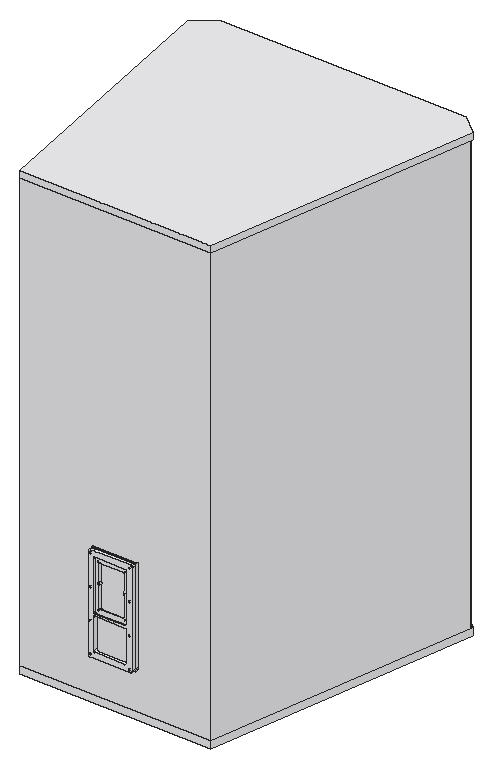
Revit family "EVC-1152-64", category Communication Devices, Revit 2017
Family settings
  Maintain Annotation Orientation = Yes
  Round Connector Dimension = Use Diameter
  Part Type = Normal
  OmniClass Number = 23.85.10.11.11.21
  OmniClass Title = Speakers
  Work Plane-Based = Yes
  Always vertical = Yes
  Cut with Voids When Loaded = No
  Shared = No
  Room Calculation Point = No
Parameters (values of type "EVC115264PIW_15"_Speaker_60x45_White")
  Uniclass2015Code = "Pr_60_75_08_02"
  URL = ""
  ProductInformation = "https://www.electrovoice.com/binary/EVC-1152-64_15__speaker_60x45_Datasheet_51_en_27960559883.pdf"
  PlanningTools = "https://www.electrovoice.com/product.php?id=2671"
  ModelNumber = "F.01U.329.294"
  Model = ""
  MaterialRALColour = "RAL9010"
  ManufacturerURL = "https://www.electrovoice.com"
  Manufacturer = "Electro Voice"
  LoudspeakerMaterial = 13-plyWeather-resistantBirchEVCoat -RAL9010
  Default Elevation = 0.00 mm
  Width = 433.00 mm  # constant formula
  InstallationManual = "https://www.electrovoice.com/binary/EVC-1152-64_15__speaker_60x45_Datasheet_51_en_27960559883.pdf"
  IfcExportType = "IfcBuildingElementProxyType"
  IfcExportAs = "IfcBuildingElementProxy"
  Length = 683.60 mm  # constant formula
  GrillMaterial = 16GA Powder-coatedGalvanneal - W
  Disclaimer = "http://resource.boschsecurity.com/information/BIM/Disclaimer_Electrovoice.pdf"
  Description = "15-inch, two-way loudspeaker, with 60˚ x 45˚ constant directivity, rotatable waveguide. Power rating: 350 W Continuous, (1400 W Peak). Passive system: 98 dB, 129 dB maximum. Gland nut cover and stainless steel grille on PI versions. Optional high quality transformer and patented. Automatic Saturation Control (ASC) preserve low end in 70V/100V lines."
  Depth = 451.40 mm  # constant formula
  CTN = "EVC115264PIW"
  ArchitectsAndEngineersSpecs = "https://www.electrovoice.com/binary/EVC-1152-64_15__speaker_60x45_Datasheet_51_en_27960559883.pdf"
Reference planes
  plane 1 "Center (Front/Back)": y = 0
  plane 2: z = 0
  plane 3 "Center (Left/Right)": x = 0
Forms (mm)
  Extrusion 1, solid, material "13-plyWeather-resistantBirchEVCoat -RAL9010" <- "LoudspeakerMaterial"
    sketch origin (0.172, 9, 0) x (1, 0, 0) y (0, 1, 0)
      loop
        line (-216.672, 407.4) -> (-144.836, 0) -> (144.492, 0) -> (216.328, 407.4) -> (185.686, 433.112)
        arc (185.686, 433.112) -> (-0.172, 442.4) -> (-186.03, 433.112) r 1864.11
        line (-186.03, 433.112) -> (-216.672, 407.4)
    from 0 to 10
  Extrusion 2, solid, material "13-plyWeather-resistantBirchEVCoat -RAL9010" <- "LoudspeakerMaterial"
    sketch origin (0.172, 9, 0) x (1, 0, 0) y (0, 1, 0)
      loop
        line (-144.836, 0) -> (144.492, 0) -> (215.446, 402.4) -> (210.369, 402.4) -> (140.297, 5) -> (-140.641, 5) -> (-210.713, 402.4) -> (-215.79, 402.4) -> (-144.836, 0)
    from 10 to 673.6
  Extrusion 3, solid, material "16GA Powder-coatedGalvanneal - W" <- "GrillMaterial"
    sketch origin (0.172, 9, 0) x (1, 0, 0) y (0, 1, 0)
      loop
        line (-213.959, 406.413) -> (-213.252, 402.4) -> (-210.713, 402.4) -> (-211.247, 405.425) -> (-183.998, 428.289)
        arc (-183.998, 428.289) -> (-0.172, 437.4) -> (183.654, 428.289) r 1859.11
        line (183.654, 428.289) -> (210.903, 405.425) -> (210.369, 402.4) -> (212.908, 402.4) -> (213.615, 406.413) -> (184.67, 430.701)
        arc (184.67, 430.701) -> (-0.172, 439.9) -> (-185.014, 430.701) r 1861.61
        line (-185.014, 430.701) -> (-213.959, 406.413)
    from 5 to 678.6
  Extrusion 4, solid, material "13-plyWeather-resistantBirchEVCoat -RAL9010" <- "LoudspeakerMaterial"
    sketch origin (0.172, 9, 673.6) x (0, -1, 0) y (1, 0, 0)
      loop
        line (-407.4, -216.672) -> (0, -144.836) -> (0, 144.492) -> (-407.4, 216.328) -> (-433.112, 185.686)
        arc (-433.112, 185.686) -> (-442.4, -0.172) -> (-433.112, -186.03) r 1864.11
        line (-433.112, -186.03) -> (-407.4, -216.672)
    from 0 to 10
Dimensions and locks
  "Depth": plane 1 "Center (Front/Back)" to Extrusion 4
  "Width": Extrusion 4 to Extrusion 4
  equal spacing: Extrusion 4, plane 3 "Center (Left/Right)", Extrusion 4
  "Length": Extrusion 1 to Extrusion 4
  aligned and locked: plane 2 to level
Automatic sketch dimensions
  Extrusion 1 sketch curve to plane 3 "Center (Left/Right)" = 0.00 mm
  Extrusion 1 sketch curve to plane 1 "Center (Front/Back)" = 9.00 mm
  Extrusion 1 sketch curve to plane 3 "Center (Left/Right)" = 144.664 mm
  Extrusion 1 sketch curve to plane 3 "Center (Left/Right)" = 185.858 mm
  Extrusion 1 sketch curve to Extrusion 1 sketch curve = 30.642 mm  (x2)
  plane 3 "Center (Left/Right)" to Extrusion 1 sketch curve = 144.664 mm
  plane 3 "Center (Left/Right)" to Extrusion 1 sketch curve = 185.858 mm
  plane 1 "Center (Front/Back)" to Extrusion 1 sketch curve = 1412.71 mm
  Extrusion 1 sketch curve to Extrusion 1 sketch curve = 407.40 mm  (x2)
  Extrusion 1 sketch curve to Extrusion 1 sketch curve = 25.712 mm
  Extrusion 2 sketch curve to plane 3 "Center (Left/Right)" = 215.618 mm
  Extrusion 2 sketch curve to Extrusion 2 sketch curve = 5.077 mm  (x2)
  Extrusion 2 sketch curve to plane 1 "Center (Front/Back)" = 9.00 mm
  Extrusion 2 sketch curve to plane 3 "Center (Left/Right)" = 144.664 mm
  Extrusion 2 sketch curve to plane 1 "Center (Front/Back)" = 14.00 mm
  Extrusion 2 sketch curve to Extrusion 2 sketch curve = 4.195 mm  (x2)
  plane 3 "Center (Left/Right)" to Extrusion 2 sketch curve = 140.469 mm
  plane 3 "Center (Left/Right)" to Extrusion 2 sketch curve = 210.541 mm
  Extrusion 2 sketch curve to Extrusion 2 sketch curve = 397.40 mm  (x2)
  Extrusion 3 sketch curve to Extrusion 3 sketch curve = 0.00 mm  (x2)
  Extrusion 3 sketch curve to plane 3 "Center (Left/Right)" = 0.00 mm
  Extrusion 3 sketch curve to plane 3 "Center (Left/Right)" = 183.826 mm
  Extrusion 3 sketch curve to Extrusion 3 sketch curve = 1.016 mm  (x2)
  Extrusion 3 sketch curve to Extrusion 3 sketch curve = 26.715 mm  (x2)
  Extrusion 3 sketch curve to Extrusion 3 sketch curve = 0.533 mm  (x2)
  Extrusion 3 sketch curve to Extrusion 3 sketch curve = 2.539 mm  (x2)
  Extrusion 3 sketch curve to Extrusion 3 sketch curve = 2.713 mm  (x2)
  plane 3 "Center (Left/Right)" to Extrusion 3 sketch curve = 183.826 mm
  plane 1 "Center (Front/Back)" to Extrusion 3 sketch curve = 1412.71 mm
  Extrusion 3 sketch curve to plane 1 "Center (Front/Back)" = 411.40 mm  (x2)
  Extrusion 3 sketch curve to Extrusion 3 sketch curve = 3.025 mm  (x2)
  Extrusion 3 sketch curve to Extrusion 3 sketch curve = 0.987 mm  (x2)
  Extrusion 3 sketch curve to Extrusion 3 sketch curve = 22.864 mm
  Extrusion 3 sketch curve to Extrusion 3 sketch curve = 2.411 mm
  Extrusion 4 sketch curve to plane 3 "Center (Left/Right)" = 0.00 mm
  Extrusion 4 sketch curve to plane 1 "Center (Front/Back)" = 442.112 mm
  Extrusion 4 sketch curve to plane 3 "Center (Left/Right)" = 185.858 mm
  Extrusion 4 sketch curve to Extrusion 4 sketch curve = 0.00 mm
  Extrusion 4 sketch curve to Extrusion 4 sketch curve = 25.712 mm  (x2)
  Extrusion 4 sketch curve to plane 1 "Center (Front/Back)" = 9.00 mm
  plane 1 "Center (Front/Back)" to Extrusion 4 sketch curve = 1412.71 mm
  Extrusion 4 sketch curve to Extrusion 4 sketch curve = 30.642 mm  (x2)
  Extrusion 4 sketch curve to plane 3 "Center (Left/Right)" = 144.664 mm
  plane 3 "Center (Left/Right)" to Extrusion 4 sketch curve = 144.664 mm
Nested families
  nested 1: "2D_CabinetLoudspeaker" at (0, 0, 0) x (-1, 0, 0) z (0, 0, 1), type "LoudSpeaker"
    with Pan2D 0.00°
  nested 2: "InputPanel_small" at (-33.614, 10, 140) x (0, 0, -1) z (1, 0, 0), LoudspeakerMaterial <- "LoudspeakerMaterial", type "InputPanel_small"
    with LoudspeakerMaterial 13-plyWeather-resistantBirchEVCoat -RAL9010
  nested 3: "L-EV" at (0.172, 448.475, 95) x (-1, 0, 0) z (0, 0, 1), type "L-EV"
Connectors
  electrical at (-0.023, 5, 167.216)
    settings: on nested 2, index 1, voltage 0 V, apparent load 0 VA, apparent load phase1 0 VA, apparent load phase2 0 VA, apparent load phase3 0 VA, power factor 1, load classification "Other", number of poles 1, system type 31, power factor state 1, is connector primary yes, connector utility no, sub classification motor no, connector description ""
Definition of nested family "InputPanel_small"
  Parameters (values of type "InputPanel_small")
    Material = ""
    LoudspeakerMaterial [instance] = none
    Default Elevation = 1219.20 mm
  Reference planes
    plane 1 "Center (Front/Back)": y = 0
    plane 2: z = 0
    plane 3 "Center (Left/Right)": x = 0
  Forms (mm)
    Extrusion 1, solid, material <- "LoudspeakerMaterial", not visible
      sketch origin (-97.521, -0.5, 198.121) x (-1, 0, 0) y (0, 0, -1)
        loop
          arc (-169.642, 198.043) -> (-170.257, 197.789) -> (-170.511, 197.174) r 0.869
          line (-170.511, 197.174) -> (-170.511, 131.84)
          arc (-170.511, 131.84) -> (-170.257, 131.226) -> (-169.642, 130.971) r 0.869
          line (-169.642, 130.971) -> (-25.396, 130.971)
          arc (-25.396, 130.971) -> (-24.782, 131.226) -> (-24.527, 131.84) r 0.869
          line (-24.527, 131.84) -> (-24.527, 197.174)
          arc (-24.527, 197.174) -> (-24.782, 197.789) -> (-25.396, 198.043) r 0.869
          line (-25.396, 198.043) -> (-169.642, 198.043)
      from 0 to -0.5
    Extrusion 2, solid, material <- "LoudspeakerMaterial", detail levels medium+fine
      sketch origin (1.214, 0, 125.108) x (-1, 0, 0) y (0, 0, -1)
        loop
          line (70.917, 125.031) -> (-68.488, 125.031)
          arc (-68.488, 125.031) -> (-70.813, 124.068) -> (-71.776, 121.743) r 3.288
          line (-71.776, 121.743) -> (-71.776, 61.229)
          arc (-71.776, 61.229) -> (-70.921, 59.026) -> (-68.815, 57.959) r 3.288
          line (-68.815, 57.959) -> (70.925, 57.959)
          arc (70.925, 57.959) -> (73.25, 58.922) -> (74.212, 61.247) r 3.288
          line (74.212, 61.247) -> (74.205, 121.743)
          arc (74.205, 121.743) -> (73.242, 124.068) -> (70.917, 125.031) r 3.288
        loop
          line (-16.102, 116.673) -> (-61.46, 116.673)
          arc (-61.46, 116.673) -> (-63.304, 115.909) -> (-64.067, 114.066) r 2.607
          line (-64.067, 114.066) -> (-64.067, 69.267)
          arc (-64.067, 69.267) -> (-63.304, 67.424) -> (-61.46, 66.66) r 2.607
          line (-61.46, 66.66) -> (-16.102, 66.658)
          arc (-16.102, 66.658) -> (-14.259, 67.424) -> (-13.495, 69.267) r 2.607
          line (-13.495, 69.267) -> (-13.495, 114.066)
          arc (-13.495, 114.066) -> (-14.259, 115.909) -> (-16.102, 116.673) r 2.607
        loop
          line (64.151, 116.673) -> (-8.801, 116.673)
          arc (-8.801, 116.673) -> (-10.645, 115.909) -> (-11.408, 114.066) r 2.607
          line (-11.408, 114.066) -> (-11.408, 69.267)
          arc (-11.408, 69.267) -> (-10.645, 67.424) -> (-8.801, 66.66) r 2.607
          line (-8.801, 66.66) -> (64.151, 66.658)
          arc (64.151, 66.658) -> (65.994, 67.424) -> (66.758, 69.267) r 2.607
          line (66.758, 69.267) -> (66.758, 114.066)
          arc (66.758, 114.066) -> (65.994, 115.909) -> (64.151, 116.673) r 2.607
        loop
          circle (-67.83, 121.068) r 1.368
        loop
          circle (-21.853, 121.068) r 1.368
        loop
          circle (24.255, 121.068) r 1.368
        loop
          circle (69.993, 121.068) r 1.368
        loop
          circle (-67.961, 61.771) r 1.368
        loop
          circle (-21.984, 61.771) r 1.368
        loop
          circle (24.124, 61.771) r 1.368
        loop
          circle (69.862, 61.771) r 1.368
      from 0 to 10
    Extrusion 3, solid, material <- "LoudspeakerMaterial", detail levels fine
      sketch origin (25.655, 0, 118.331) x (-1, 0, 0) y (0, 0, -1)
        loop
          arc (15.45, 109.952) -> (13.605, 109.187) -> (12.84, 107.342) r 2.61
          line (12.84, 107.342) -> (12.84, 62.493)
          arc (12.84, 62.493) -> (13.606, 60.646) -> (15.45, 59.881) r 2.61
          line (15.45, 59.881) -> (88.485, 59.883)
          arc (88.485, 59.883) -> (90.33, 60.647) -> (91.094, 62.493) r 2.61
          line (91.094, 62.493) -> (91.094, 107.342)
          arc (91.094, 107.342) -> (90.33, 109.187) -> (88.485, 109.952) r 2.61
          line (88.485, 109.952) -> (15.45, 109.952)
        loop
          line (53.049, 104.094) -> (20.673, 104.09)
          arc (20.673, 104.09) -> (20.25, 103.216) -> (19.475, 102.633) r 2.061
          line (19.475, 102.633) -> (19.479, 66.839)
          arc (19.479, 66.839) -> (20.255, 66.255) -> (20.677, 65.382) r 2.061
          line (20.677, 65.382) -> (53.053, 65.386)
          arc (53.053, 65.386) -> (55.067, 67.012) -> (57.082, 65.386) r 2.061
          line (57.082, 65.386) -> (82.875, 65.389)
          arc (82.875, 65.389) -> (83.297, 66.263) -> (84.073, 66.847) r 2.061
          line (84.073, 66.847) -> (84.068, 102.641)
          arc (84.068, 102.641) -> (83.293, 103.224) -> (82.87, 104.098) r 2.061
          line (82.87, 104.098) -> (57.077, 104.095)
          arc (57.077, 104.095) -> (55.063, 102.469) -> (53.049, 104.094) r 2.061
        loop
          circle (55.063, 104.529) r 0.832
        loop
          circle (55.063, 64.893) r 0.832
        loop
          circle (84.767, 104.529) r 0.832
        loop
          circle (84.767, 64.893) r 0.832
        loop
          circle (18.835, 104.529) r 0.832
        loop
          circle (18.835, 64.893) r 0.832
      from 7.5 to 5
    Extrusion 4, solid, material <- "LoudspeakerMaterial"
      sketch origin (1.214, 0, 125.108) x (-1, 0, 0) y (0, 0, -1)
        loop
          line (-71.776, 125.031) -> (-71.776, 57.959) -> (74.213, 57.959) -> (74.205, 125.031) -> (-71.776, 125.031)
      from 0 to 4.337
  Lines and regions (mm)
    model lines, not visible
      curve 1: arc (59.415, -9.5, 70.232) -> (59.756, -9.5, 68.636) -> (60.858, -9.5, 67.432) r 3.109
      curve 2: arc (59.414, -9.5, 82.845) -> (59.754, -9.5, 81.249) -> (60.857, -9.5, 80.045) r 3.109
      curve 3: arc (59.417, -9.5, 63.926) -> (59.752, -9.5, 62.34) -> (60.84, -9.5, 61.139) r 3.108
      curve 4: arc (59.415, -9.5, 76.539) -> (59.75, -9.5, 74.953) -> (60.838, -9.5, 73.752) r 3.108
      curve 5: arc (60.711, -9.5, 72.945) -> (59.72, -9.5, 71.753) -> (59.414, -9.5, 70.232) r 3.166
      curve 6: arc (60.71, -9.5, 85.557) -> (59.718, -9.5, 84.365) -> (59.412, -9.5, 82.845) r 3.166
      curve 7: arc (60.712, -9.5, 66.637) -> (59.721, -9.5, 65.445) -> (59.415, -9.5, 63.926) r 3.165
      curve 8: arc (60.71, -9.5, 79.25) -> (59.72, -9.5, 78.058) -> (59.414, -9.5, 76.539) r 3.165
      curve 9: arc (59.062, -9.5, 76.539) -> (58.721, -9.5, 78.135) -> (57.618, -9.5, 79.339) r 3.109
      curve 10: arc (59.063, -9.5, 63.926) -> (58.723, -9.5, 65.522) -> (57.62, -9.5, 66.726) r 3.109
      curve 11: arc (59.06, -9.5, 82.845) -> (58.725, -9.5, 84.431) -> (57.637, -9.5, 85.632) r 3.108
      curve 12: arc (59.062, -9.5, 70.232) -> (58.726, -9.5, 71.818) -> (57.638, -9.5, 73.019) r 3.108
      curve 13: arc (57.765, -9.5, 73.826) -> (58.757, -9.5, 75.018) -> (59.063, -9.5, 76.539) r 3.166
      curve 14: arc (57.767, -9.5, 61.214) -> (58.758, -9.5, 62.406) -> (59.065, -9.5, 63.926) r 3.166
      curve 15: arc (57.765, -9.5, 80.134) -> (58.756, -9.5, 81.326) -> (59.062, -9.5, 82.845) r 3.165
      curve 16: arc (57.767, -9.5, 67.521) -> (58.757, -9.5, 68.713) -> (59.063, -9.5, 70.232) r 3.165
      curve 17: arc (62.678, -9.5, 67.687) -> (63.752, -9.5, 68.757) -> (64.103, -9.5, 70.233) r 2.775
      curve 18: arc (63.369, -9.5, 67.367) -> (64.444, -9.5, 68.62) -> (64.794, -9.5, 70.233) r 3.371
      curve 19: arc (62.678, -9.5, 67.687) -> (62.999, -9.5, 67.474) -> (63.369, -9.5, 67.367) r 1.273
      curve 20: arc (62.676, -9.5, 80.299) -> (63.75, -9.5, 81.37) -> (64.101, -9.5, 82.846) r 2.775
      curve 21: arc (63.368, -9.5, 79.98) -> (64.442, -9.5, 81.233) -> (64.793, -9.5, 82.846) r 3.371
      curve 22: arc (62.676, -9.5, 80.299) -> (62.998, -9.5, 80.087) -> (63.368, -9.5, 79.98) r 1.273
      curve 23: arc (62.679, -9.5, 61.381) -> (63.752, -9.5, 62.452) -> (64.103, -9.5, 63.927) r 2.774
      curve 24: arc (63.37, -9.5, 61.062) -> (64.444, -9.5, 62.315) -> (64.794, -9.5, 63.927) r 3.37
      curve 25: arc (62.679, -9.5, 61.381) -> (63, -9.5, 61.169) -> (63.37, -9.5, 61.062) r 1.273
      curve 26: arc (62.677, -9.5, 73.994) -> (63.751, -9.5, 75.064) -> (64.101, -9.5, 76.539) r 2.774
      curve 27: arc (63.369, -9.5, 73.675) -> (64.442, -9.5, 74.927) -> (64.793, -9.5, 76.539) r 3.37
      curve 28: arc (62.677, -9.5, 73.994) -> (62.998, -9.5, 73.781) -> (63.369, -9.5, 73.675) r 1.273
      curve 29: arc (64.103, -9.5, 70.233) -> (63.752, -9.5, 71.708) -> (62.677, -9.5, 72.779) r 2.775
      curve 30: arc (63.369, -9.5, 73.098) -> (62.999, -9.5, 72.992) -> (62.677, -9.5, 72.779) r 1.273
      curve 31: arc (64.794, -9.5, 70.233) -> (64.443, -9.5, 71.846) -> (63.369, -9.5, 73.098) r 3.371
      curve 32: arc (64.101, -9.5, 82.846) -> (63.75, -9.5, 84.321) -> (62.676, -9.5, 85.392) r 2.775
      curve 33: arc (63.367, -9.5, 85.711) -> (62.997, -9.5, 85.604) -> (62.676, -9.5, 85.392) r 1.273
      curve 34: arc (64.793, -9.5, 82.846) -> (64.442, -9.5, 84.458) -> (63.367, -9.5, 85.711) r 3.371
      curve 35: arc (64.103, -9.5, 63.927) -> (63.752, -9.5, 65.401) -> (62.678, -9.5, 66.472) r 2.774
      curve 36: arc (63.37, -9.5, 66.791) -> (62.999, -9.5, 66.684) -> (62.678, -9.5, 66.472) r 1.273
      curve 37: arc (64.794, -9.5, 63.927) -> (64.444, -9.5, 65.539) -> (63.37, -9.5, 66.791) r 3.37
      curve 38: arc (64.101, -9.5, 76.539) -> (63.75, -9.5, 78.014) -> (62.676, -9.5, 79.084) r 2.774
      curve 39: arc (63.368, -9.5, 79.404) -> (62.998, -9.5, 79.297) -> (62.676, -9.5, 79.084) r 1.273
      curve 40: arc (64.793, -9.5, 76.539) -> (64.442, -9.5, 78.151) -> (63.368, -9.5, 79.404) r 3.37
      curve 41: arc (59.627, -9.5, 63.926) -> (59.978, -9.5, 62.451) -> (61.052, -9.5, 61.381) r 2.774
      curve 42: arc (61.051, -9.5, 66.471) -> (59.977, -9.5, 65.401) -> (59.627, -9.5, 63.926) r 2.774
      curve 43: arc (59.625, -9.5, 70.232) -> (59.976, -9.5, 68.757) -> (61.051, -9.5, 67.686) r 2.775
      curve 44: arc (61.05, -9.5, 72.779) -> (59.976, -9.5, 71.708) -> (59.625, -9.5, 70.232) r 2.775
      curve 45: arc (59.625, -9.5, 76.539) -> (59.976, -9.5, 75.064) -> (61.05, -9.5, 73.994) r 2.774
      curve 46: arc (61.049, -9.5, 79.084) -> (59.976, -9.5, 78.014) -> (59.625, -9.5, 76.539) r 2.774
      curve 47: arc (59.624, -9.5, 82.845) -> (59.975, -9.5, 81.37) -> (61.049, -9.5, 80.299) r 2.775
      curve 48: arc (61.049, -9.5, 85.391) -> (59.975, -9.5, 84.321) -> (59.624, -9.5, 82.845) r 2.775
      curve 49: arc (65.487, -9.5, 67.368) -> (66.537, -9.5, 68.57) -> (66.91, -9.5, 70.123) r 3.348
      curve 50: arc (65.485, -9.5, 79.98) -> (66.535, -9.5, 81.183) -> (66.909, -9.5, 82.735) r 3.348
      curve 51: arc (66.91, -9.5, 70.344) -> (66.536, -9.5, 71.896) -> (65.486, -9.5, 73.099) r 3.348
      curve 52: arc (66.909, -9.5, 82.956) -> (66.535, -9.5, 84.509) -> (65.485, -9.5, 85.711) r 3.348
      curve 53: arc (65.488, -9.5, 61.062) -> (66.543, -9.5, 62.278) -> (66.911, -9.5, 63.846) r 3.353
      curve 54: arc (65.486, -9.5, 73.675) -> (66.542, -9.5, 74.891) -> (66.909, -9.5, 76.458) r 3.353
      curve 55: arc (66.911, -9.5, 64.008) -> (66.543, -9.5, 65.576) -> (65.487, -9.5, 66.791) r 3.353
      curve 56: arc (66.909, -9.5, 76.621) -> (66.542, -9.5, 78.189) -> (65.485, -9.5, 79.404) r 3.353
      curve 57: arc (61.368, -9.5, 70.233) -> (61.701, -9.5, 68.86) -> (62.728, -9.5, 67.892) r 2.482
      curve 58: arc (61.369, -9.5, 63.926) -> (61.702, -9.5, 62.554) -> (62.729, -9.5, 61.585) r 2.482
      curve 59: arc (61.777, -9.5, 65.419) -> (61.47, -9.5, 64.701) -> (61.369, -9.5, 63.926) r 2.857
      curve 60: arc (62.453, -9.5, 65.577) -> (62.398, -9.5, 65.499) -> (62.347, -9.5, 65.419) r 2.446
      curve 61: arc (61.777, -9.5, 71.725) -> (61.469, -9.5, 71.007) -> (61.368, -9.5, 70.233) r 2.857
      curve 62: arc (62.452, -9.5, 71.883) -> (62.398, -9.5, 71.805) -> (62.346, -9.5, 71.725) r 2.446
      curve 63: arc (61.367, -9.5, 76.539) -> (61.7, -9.5, 75.167) -> (62.727, -9.5, 74.198) r 2.482
      curve 64: arc (61.367, -9.5, 82.845) -> (61.699, -9.5, 81.473) -> (62.727, -9.5, 80.504) r 2.482
      curve 65: arc (61.776, -9.5, 78.031) -> (61.469, -9.5, 77.313) -> (61.367, -9.5, 76.539) r 2.857
      curve 66: arc (62.452, -9.5, 78.19) -> (62.397, -9.5, 78.112) -> (62.345, -9.5, 78.032) r 2.446
      curve 67: arc (61.775, -9.5, 84.338) -> (61.468, -9.5, 83.62) -> (61.367, -9.5, 82.845) r 2.857
      curve 68: arc (62.451, -9.5, 84.496) -> (62.396, -9.5, 84.418) -> (62.345, -9.5, 84.338) r 2.446
      curve 69: arc (55.799, -9.5, 79.084) -> (54.725, -9.5, 78.014) -> (54.374, -9.5, 76.538) r 2.775
      curve 70: arc (55.107, -9.5, 79.404) -> (54.033, -9.5, 78.151) -> (53.682, -9.5, 76.538) r 3.371
      curve 71: arc (55.799, -9.5, 79.084) -> (55.478, -9.5, 79.297) -> (55.107, -9.5, 79.404) r 1.273
      curve 72: arc (55.8, -9.5, 66.472) -> (54.726, -9.5, 65.401) -> (54.376, -9.5, 63.925) r 2.775
      curve 73: arc (55.109, -9.5, 66.791) -> (54.035, -9.5, 65.538) -> (53.684, -9.5, 63.925) r 3.371
      curve 74: arc (55.8, -9.5, 66.472) -> (55.479, -9.5, 66.684) -> (55.109, -9.5, 66.791) r 1.273
      curve 75: arc (55.798, -9.5, 85.39) -> (54.725, -9.5, 84.319) -> (54.374, -9.5, 82.844) r 2.774
      curve 76: arc (55.107, -9.5, 85.709) -> (54.033, -9.5, 84.456) -> (53.682, -9.5, 82.844) r 3.37
      curve 77: arc (55.798, -9.5, 85.39) -> (55.477, -9.5, 85.602) -> (55.107, -9.5, 85.709) r 1.273
      curve 78: arc (55.8, -9.5, 72.777) -> (54.726, -9.5, 71.707) -> (54.376, -9.5, 70.232) r 2.774
      curve 79: arc (55.108, -9.5, 73.096) -> (54.034, -9.5, 71.844) -> (53.684, -9.5, 70.232) r 3.37
      curve 80: arc (55.8, -9.5, 72.777) -> (55.478, -9.5, 72.99) -> (55.108, -9.5, 73.096) r 1.273
      curve 81: arc (54.374, -9.5, 76.538) -> (54.725, -9.5, 75.063) -> (55.8, -9.5, 73.992) r 2.775
      curve 82: arc (55.108, -9.5, 73.673) -> (55.478, -9.5, 73.779) -> (55.8, -9.5, 73.992) r 1.273
      curve 83: arc (53.682, -9.5, 76.538) -> (54.033, -9.5, 74.925) -> (55.108, -9.5, 73.673) r 3.371
      curve 84: arc (54.376, -9.5, 63.925) -> (54.727, -9.5, 62.45) -> (55.801, -9.5, 61.379) r 2.775
      curve 85: arc (55.11, -9.5, 61.06) -> (55.48, -9.5, 61.167) -> (55.801, -9.5, 61.379) r 1.273
      curve 86: arc (53.684, -9.5, 63.925) -> (54.035, -9.5, 62.313) -> (55.11, -9.5, 61.06) r 3.371
      curve 87: arc (54.374, -9.5, 82.844) -> (54.725, -9.5, 81.369) -> (55.799, -9.5, 80.299) r 2.774
      curve 88: arc (55.107, -9.5, 79.98) -> (55.477, -9.5, 80.087) -> (55.799, -9.5, 80.299) r 1.273
      curve 89: arc (53.682, -9.5, 82.844) -> (54.033, -9.5, 81.232) -> (55.107, -9.5, 79.98) r 3.37
      curve 90: arc (54.376, -9.5, 70.232) -> (54.726, -9.5, 68.757) -> (55.8, -9.5, 67.687) r 2.774
      curve 91: arc (55.109, -9.5, 67.367) -> (55.479, -9.5, 67.474) -> (55.8, -9.5, 67.687) r 1.273
      curve 92: arc (53.684, -9.5, 70.232) -> (54.035, -9.5, 68.62) -> (55.109, -9.5, 67.367) r 3.37
      curve 93: arc (58.85, -9.5, 82.845) -> (58.499, -9.5, 84.32) -> (57.425, -9.5, 85.39) r 2.774
      curve 94: arc (57.426, -9.5, 80.3) -> (58.499, -9.5, 81.37) -> (58.85, -9.5, 82.845) r 2.774
      curve 95: arc (58.851, -9.5, 76.539) -> (58.5, -9.5, 78.014) -> (57.426, -9.5, 79.085) r 2.775
      curve 96: arc (57.427, -9.5, 73.992) -> (58.501, -9.5, 75.063) -> (58.851, -9.5, 76.539) r 2.775
      curve 97: arc (58.852, -9.5, 70.232) -> (58.501, -9.5, 71.707) -> (57.427, -9.5, 72.777) r 2.774
      curve 98: arc (57.427, -9.5, 67.687) -> (58.501, -9.5, 68.757) -> (58.852, -9.5, 70.232) r 2.774
      curve 99: arc (58.853, -9.5, 63.926) -> (58.502, -9.5, 65.401) -> (57.428, -9.5, 66.472) r 2.775
      curve 100: arc (57.428, -9.5, 61.38) -> (58.502, -9.5, 62.45) -> (58.853, -9.5, 63.926) r 2.775
      curve 101: arc (52.99, -9.5, 79.403) -> (51.94, -9.5, 78.2) -> (51.567, -9.5, 76.648) r 3.348
      curve 102: arc (52.991, -9.5, 66.791) -> (51.942, -9.5, 65.588) -> (51.568, -9.5, 64.036) r 3.348
      curve 103: arc (51.567, -9.5, 76.427) -> (51.94, -9.5, 74.875) -> (52.991, -9.5, 73.672) r 3.348
      curve 104: arc (51.568, -9.5, 63.815) -> (51.942, -9.5, 62.262) -> (52.992, -9.5, 61.06) r 3.348
      curve 105: arc (52.989, -9.5, 85.709) -> (51.933, -9.5, 84.493) -> (51.566, -9.5, 82.925) r 3.353
      curve 106: arc (52.991, -9.5, 73.096) -> (51.935, -9.5, 71.88) -> (51.567, -9.5, 70.313) r 3.353
      curve 107: arc (51.566, -9.5, 82.763) -> (51.934, -9.5, 81.195) -> (52.99, -9.5, 79.98) r 3.353
      curve 108: arc (51.567, -9.5, 70.15) -> (51.935, -9.5, 68.582) -> (52.991, -9.5, 67.367) r 3.353
      curve 109: arc (57.108, -9.5, 82.845) -> (56.775, -9.5, 84.217) -> (55.748, -9.5, 85.186) r 2.482
      curve 110: arc (57.109, -9.5, 76.538) -> (56.776, -9.5, 77.911) -> (55.749, -9.5, 78.879) r 2.482
      curve 111: arc (56.7, -9.5, 75.046) -> (57.007, -9.5, 75.764) -> (57.109, -9.5, 76.538) r 2.857
      curve 112: arc (56.024, -9.5, 74.888) -> (56.079, -9.5, 74.966) -> (56.131, -9.5, 75.046) r 2.446
      curve 113: arc (56.699, -9.5, 81.352) -> (57.007, -9.5, 82.07) -> (57.108, -9.5, 82.845) r 2.857
      curve 114: arc (56.024, -9.5, 81.194) -> (56.078, -9.5, 81.272) -> (56.13, -9.5, 81.352) r 2.446
      curve 115: arc (57.109, -9.5, 70.232) -> (56.777, -9.5, 71.604) -> (55.749, -9.5, 72.573) r 2.482
      curve 116: arc (57.11, -9.5, 63.926) -> (56.777, -9.5, 65.298) -> (55.75, -9.5, 66.267) r 2.482
      curve 117: arc (56.702, -9.5, 62.433) -> (57.009, -9.5, 63.151) -> (57.11, -9.5, 63.926) r 2.857
      curve 118: arc (56.026, -9.5, 62.275) -> (56.081, -9.5, 62.353) -> (56.132, -9.5, 62.433) r 2.446
      curve 119: arc (56.701, -9.5, 68.739) -> (57.008, -9.5, 69.458) -> (57.109, -9.5, 70.232) r 2.857
      curve 120: arc (56.025, -9.5, 68.581) -> (56.08, -9.5, 68.659) -> (56.131, -9.5, 68.739) r 2.446
      curve 121: spline (77.962, -9.5, 59.963) -> (78.093, -9.5, 59.972) -> (78.223, -9.5, 59.998) -> (78.348, -9.5, 60.04) -> (78.466, -9.5, 60.099) -> (78.576, -9.5, 60.172) -> (78.675, -9.5, 60.259) -> (78.762, -9.5, 60.358) -> (78.835, -9.5, 60.468) -> (78.894, -9.5, 60.586) -> (78.936, -9.5, 60.711) -> (78.962, -9.5, 60.841) -> (78.97, -9.5, 60.972)
      curve 122: spline (78.967, -9.5, 85.803) -> (78.959, -9.5, 85.935) -> (78.933, -9.5, 86.065) -> (78.891, -9.5, 86.19) -> (78.832, -9.5, 86.308) -> (78.759, -9.5, 86.418) -> (78.672, -9.5, 86.517) -> (78.573, -9.5, 86.604) -> (78.463, -9.5, 86.677) -> (78.344, -9.5, 86.735) -> (78.22, -9.5, 86.778) -> (78.09, -9.5, 86.804) -> (77.958, -9.5, 86.812)
      curve 123: spline (40.515, -9.5, 86.808) -> (40.383, -9.5, 86.799) -> (40.254, -9.5, 86.773) -> (40.129, -9.5, 86.731) -> (40.01, -9.5, 86.672) -> (39.901, -9.5, 86.599) -> (39.801, -9.5, 86.512) -> (39.714, -9.5, 86.413) -> (39.641, -9.5, 86.303) -> (39.583, -9.5, 86.185) -> (39.54, -9.5, 86.06) -> (39.515, -9.5, 85.93) -> (39.506, -9.5, 85.799)
      curve 124: spline (39.509, -9.5, 60.97) -> (39.517, -9.5, 60.838) -> (39.543, -9.5, 60.708) -> (39.585, -9.5, 60.583) -> (39.643, -9.5, 60.464) -> (39.717, -9.5, 60.354) -> (39.804, -9.5, 60.255) -> (39.903, -9.5, 60.168) -> (40.013, -9.5, 60.094) -> (40.131, -9.5, 60.036) -> (40.256, -9.5, 59.993) -> (40.386, -9.5, 59.967) -> (40.518, -9.5, 59.959)
      curve 125: spline (40.57, -9.5, 86.753) -> (40.438, -9.5, 86.744) -> (40.309, -9.5, 86.718) -> (40.184, -9.5, 86.676) -> (40.065, -9.5, 86.617) -> (39.956, -9.5, 86.544) -> (39.856, -9.5, 86.457) -> (39.769, -9.5, 86.358) -> (39.696, -9.5, 86.248) -> (39.638, -9.5, 86.13) -> (39.595, -9.5, 86.005) -> (39.57, -9.5, 85.875) -> (39.561, -9.5, 85.744)
      curve 126: spline (39.564, -9.5, 61.023) -> (39.573, -9.5, 60.891) -> (39.598, -9.5, 60.761) -> (39.641, -9.5, 60.636) -> (39.699, -9.5, 60.518) -> (39.773, -9.5, 60.408) -> (39.86, -9.5, 60.309) -> (39.959, -9.5, 60.222) -> (40.069, -9.5, 60.149) -> (40.187, -9.5, 60.091) -> (40.312, -9.5, 60.048) -> (40.441, -9.5, 60.022) -> (40.573, -9.5, 60.014)
      curve 127: spline (78.912, -9.5, 85.748) -> (78.904, -9.5, 85.88) -> (78.878, -9.5, 86.01) -> (78.835, -9.5, 86.134) -> (78.777, -9.5, 86.253) -> (78.704, -9.5, 86.363) -> (78.617, -9.5, 86.462) -> (78.518, -9.5, 86.549) -> (78.408, -9.5, 86.622) -> (78.289, -9.5, 86.68) -> (78.164, -9.5, 86.723) -> (78.035, -9.5, 86.749) -> (77.903, -9.5, 86.757)
      curve 128: spline (77.907, -9.5, 60.018) -> (78.038, -9.5, 60.027) -> (78.168, -9.5, 60.053) -> (78.293, -9.5, 60.095) -> (78.411, -9.5, 60.154) -> (78.521, -9.5, 60.227) -> (78.62, -9.5, 60.314) -> (78.707, -9.5, 60.413) -> (78.78, -9.5, 60.523) -> (78.839, -9.5, 60.641) -> (78.881, -9.5, 60.766) -> (78.907, -9.5, 60.896) -> (78.915, -9.5, 61.027)
      curve 129: line (63.979, -9.5, 70.233) -> (63.818, -9.5, 71.221)
      curve 130: line (63.818, -9.5, 71.221) -> (63.359, -9.5, 72.059)
      curve 131: line (63.359, -9.5, 72.059) -> (62.673, -9.5, 72.618)
      curve 132: line (62.673, -9.5, 72.618) -> (61.864, -9.5, 72.815)
      curve 133: line (61.864, -9.5, 72.815) -> (61.054, -9.5, 72.618)
      curve 134: line (61.054, -9.5, 72.618) -> (60.368, -9.5, 72.058)
      curve 135: line (60.368, -9.5, 72.058) -> (59.91, -9.5, 71.221)
      curve 136: line (59.91, -9.5, 71.221) -> (59.749, -9.5, 70.232)
      curve 137: line (59.749, -9.5, 70.232) -> (59.91, -9.5, 69.244)
      curve 138: line (59.91, -9.5, 69.244) -> (60.369, -9.5, 68.407)
      curve 139: line (60.369, -9.5, 68.407) -> (61.055, -9.5, 67.847)
      curve 140: line (61.055, -9.5, 67.847) -> (61.864, -9.5, 67.651)
      curve 141: line (61.864, -9.5, 67.651) -> (62.674, -9.5, 67.847)
      curve 142: line (62.674, -9.5, 67.847) -> (63.36, -9.5, 68.407)
      curve 143: line (63.36, -9.5, 68.407) -> (63.815, -9.5, 69.238)
      curve 144: line (63.818, -9.5, 69.245) -> (64.103, -9.5, 70.233)
      curve 145: line (64.103, -9.5, 70.233) -> (64.794, -9.5, 70.233)
      curve 146: line (64.794, -9.5, 70.233) -> (66.912, -9.5, 70.233)
      curve 147: line (66.912, -9.5, 70.233) -> (66.911, -9.5, 64.008)
      curve 148: line (63.978, -9.5, 82.846) -> (63.817, -9.5, 83.834)
      curve 149: line (63.817, -9.5, 83.834) -> (63.358, -9.5, 84.671)
      curve 150: line (63.358, -9.5, 84.671) -> (62.672, -9.5, 85.231)
      curve 151: line (62.672, -9.5, 85.231) -> (61.862, -9.5, 85.427)
      curve 152: line (61.862, -9.5, 85.427) -> (61.053, -9.5, 85.231)
      curve 153: line (61.053, -9.5, 85.231) -> (60.367, -9.5, 84.671)
      curve 154: line (60.367, -9.5, 84.671) -> (59.908, -9.5, 83.833)
      curve 155: line (59.908, -9.5, 83.833) -> (59.747, -9.5, 82.845)
      curve 156: line (59.747, -9.5, 82.845) -> (59.908, -9.5, 81.857)
      curve 157: line (59.908, -9.5, 81.857) -> (60.367, -9.5, 81.019)
      curve 158: line (60.367, -9.5, 81.019) -> (61.053, -9.5, 80.46)
      curve 159: line (61.053, -9.5, 80.46) -> (61.863, -9.5, 80.263)
      curve 160: line (61.863, -9.5, 80.263) -> (62.672, -9.5, 80.46)
      curve 161: line (62.672, -9.5, 80.46) -> (63.358, -9.5, 81.02)
      curve 162: line (63.358, -9.5, 81.02) -> (63.813, -9.5, 81.851)
      curve 163: line (63.817, -9.5, 81.857) -> (64.101, -9.5, 82.846)
      curve 164: line (64.101, -9.5, 82.846) -> (64.793, -9.5, 82.846)
      curve 165: line (64.793, -9.5, 82.846) -> (66.91, -9.5, 82.846)
      curve 166: line (66.91, -9.5, 82.846) -> (66.909, -9.5, 76.621)
      curve 167: line (63.98, -9.5, 63.927) -> (63.819, -9.5, 64.915)
      curve 168: line (63.819, -9.5, 64.915) -> (63.36, -9.5, 65.752)
      curve 169: line (63.36, -9.5, 65.752) -> (62.674, -9.5, 66.312)
      curve 170: line (62.674, -9.5, 66.312) -> (61.864, -9.5, 66.508)
      curve 171: line (61.864, -9.5, 66.508) -> (61.055, -9.5, 66.312)
      curve 172: line (61.055, -9.5, 66.312) -> (60.369, -9.5, 65.752)
      curve 173: line (60.369, -9.5, 65.752) -> (59.911, -9.5, 64.914)
      curve 174: line (59.911, -9.5, 64.914) -> (59.75, -9.5, 63.926)
      curve 175: line (59.75, -9.5, 63.926) -> (59.911, -9.5, 62.938)
      curve 176: line (59.911, -9.5, 62.938) -> (60.369, -9.5, 62.1)
      curve 177: line (60.369, -9.5, 62.1) -> (61.056, -9.5, 61.541)
      curve 178: line (61.056, -9.5, 61.541) -> (61.865, -9.5, 61.344)
      curve 179: line (61.865, -9.5, 61.344) -> (62.675, -9.5, 61.541)
      curve 180: line (62.675, -9.5, 61.541) -> (63.361, -9.5, 62.101)
      curve 181: line (63.361, -9.5, 62.101) -> (63.815, -9.5, 62.932)
      curve 182: line (63.819, -9.5, 62.938) -> (64.103, -9.5, 63.927)
      curve 183: line (64.103, -9.5, 63.927) -> (64.794, -9.5, 63.927)
      curve 184: line (64.794, -9.5, 63.927) -> (66.912, -9.5, 63.927)
      curve 185: line (66.912, -9.5, 63.927) -> (66.911, -9.5, 60.774)
      curve 186: line (66.911, -9.5, 60.774) -> (65.488, -9.5, 60.774)
      curve 187: line (65.488, -9.5, 60.774) -> (68.6, -9.5, 60.646)
      curve 188: line (68.6, -9.5, 60.646) -> (68.722, -9.5, 60.469)
      curve 189: line (68.722, -9.5, 60.469) -> (65.589, -9.5, 60.469)
      curve 190: line (65.589, -9.5, 60.469) -> (65.467, -9.5, 60.646)
      curve 191: line (63.978, -9.5, 76.539) -> (63.817, -9.5, 77.527)
      curve 192: line (63.817, -9.5, 77.527) -> (63.359, -9.5, 78.365)
      curve 193: line (63.359, -9.5, 78.365) -> (62.672, -9.5, 78.925)
      curve 194: line (62.672, -9.5, 78.925) -> (61.863, -9.5, 79.121)
      curve 195: line (61.863, -9.5, 79.121) -> (61.054, -9.5, 78.924)
      curve 196: line (61.054, -9.5, 78.924) -> (60.367, -9.5, 78.365)
      curve 197: line (60.367, -9.5, 78.365) -> (59.909, -9.5, 77.527)
      curve 198: line (59.909, -9.5, 77.527) -> (59.748, -9.5, 76.539)
      curve 199: line (59.748, -9.5, 76.539) -> (59.909, -9.5, 75.551)
      curve 200: line (59.909, -9.5, 75.551) -> (60.368, -9.5, 74.713)
      curve 201: line (60.368, -9.5, 74.713) -> (61.054, -9.5, 74.153)
      curve 202: line (61.054, -9.5, 74.153) -> (61.864, -9.5, 73.957)
      curve 203: line (61.864, -9.5, 73.957) -> (62.673, -9.5, 74.153)
      curve 204: line (62.673, -9.5, 74.153) -> (63.359, -9.5, 74.713)
      curve 205: line (63.359, -9.5, 74.713) -> (63.814, -9.5, 75.544)
      curve 206: line (63.818, -9.5, 75.551) -> (64.101, -9.5, 76.539)
      curve 207: line (64.101, -9.5, 76.539) -> (64.793, -9.5, 76.539)
      curve 208: line (64.793, -9.5, 76.539) -> (66.91, -9.5, 76.54)
      curve 209: line (66.91, -9.5, 76.54) -> (66.91, -9.5, 70.344)
      curve 210: line (61.049, -9.5, 85.998) -> (60.837, -9.5, 85.998)
      curve 211: line (60.837, -9.5, 85.998) -> (60.837, -9.5, 85.655)
      curve 212: line (60.916, -9.5, 85.517) -> (61.049, -9.5, 85.391)
      curve 213: line (61.049, -9.5, 85.391) -> (61.049, -9.5, 85.998)
      curve 214: line (61.049, -9.5, 85.998) -> (62.676, -9.5, 85.999)
      curve 215: line (62.676, -9.5, 85.999) -> (62.676, -9.5, 85.392)
      curve 216: line (62.676, -9.5, 79.084) -> (62.676, -9.5, 80.299)
      curve 217: line (62.677, -9.5, 72.779) -> (62.677, -9.5, 73.994)
      curve 218: line (62.678, -9.5, 66.472) -> (62.678, -9.5, 67.687)
      curve 219: line (61.052, -9.5, 60.773) -> (60.84, -9.5, 60.773)
      curve 220: line (60.84, -9.5, 60.773) -> (60.84, -9.5, 61.139)
      curve 221: line (60.918, -9.5, 61.255) -> (61.052, -9.5, 61.381)
      curve 222: line (61.052, -9.5, 61.381) -> (61.052, -9.5, 60.773)
      curve 223: line (61.052, -9.5, 60.773) -> (62.679, -9.5, 60.773)
      curve 224: line (62.679, -9.5, 60.773) -> (62.679, -9.5, 61.381)
      curve 225: line (60.839, -9.5, 66.735) -> (60.842, -9.5, 67.413)
      curve 226: line (60.918, -9.5, 67.56) -> (61.051, -9.5, 67.686)
      curve 227: line (61.051, -9.5, 67.686) -> (61.051, -9.5, 66.471)
      curve 228: line (61.051, -9.5, 66.471) -> (60.918, -9.5, 66.598)
      curve 229: line (61.05, -9.5, 72.779) -> (61.05, -9.5, 73.994)
      curve 230: line (61.05, -9.5, 73.994) -> (60.917, -9.5, 73.867)
      curve 231: line (60.838, -9.5, 73.752) -> (60.838, -9.5, 73.043)
      curve 232: line (60.917, -9.5, 72.905) -> (61.05, -9.5, 72.779)
      curve 233: line (60.838, -9.5, 79.348) -> (60.841, -9.5, 80.026)
      curve 234: line (60.916, -9.5, 80.173) -> (61.049, -9.5, 80.299)
      curve 235: line (61.049, -9.5, 80.299) -> (61.049, -9.5, 79.084)
      curve 236: line (61.049, -9.5, 79.084) -> (60.916, -9.5, 79.21)
      curve 237: line (65.486, -9.5, 73.675) -> (63.369, -9.5, 73.675)
      curve 238: line (63.369, -9.5, 73.675) -> (63.369, -9.5, 73.098)
      curve 239: line (63.369, -9.5, 73.098) -> (65.486, -9.5, 73.099)
      curve 240: line (65.486, -9.5, 73.099) -> (65.486, -9.5, 73.675)
      curve 241: line (65.487, -9.5, 67.368) -> (65.487, -9.5, 66.791)
      curve 242: line (65.487, -9.5, 66.791) -> (63.37, -9.5, 66.791)
      curve 243: line (63.37, -9.5, 66.791) -> (63.369, -9.5, 67.367)
      curve 244: line (63.369, -9.5, 67.367) -> (65.487, -9.5, 67.368)
      curve 245: line (65.485, -9.5, 79.98) -> (65.485, -9.5, 79.404)
      curve 246: line (65.485, -9.5, 79.404) -> (63.368, -9.5, 79.404)
      curve 247: line (63.368, -9.5, 79.404) -> (63.368, -9.5, 79.98)
      curve 248: line (63.368, -9.5, 79.98) -> (65.485, -9.5, 79.98)
      curve 249: line (63.37, -9.5, 60.773) -> (65.488, -9.5, 60.774)
      curve 250: line (65.488, -9.5, 60.774) -> (65.488, -9.5, 61.062)
      curve 251: line (65.488, -9.5, 61.062) -> (63.37, -9.5, 61.062)
      curve 252: line (63.37, -9.5, 61.062) -> (63.37, -9.5, 60.773)
      curve 253: line (63.37, -9.5, 60.773) -> (62.679, -9.5, 60.773)
      curve 254: line (62.676, -9.5, 85.999) -> (63.367, -9.5, 85.999)
      curve 255: line (63.367, -9.5, 85.999) -> (63.367, -9.5, 85.711)
      curve 256: line (63.367, -9.5, 85.711) -> (65.485, -9.5, 85.711)
      curve 257: line (65.485, -9.5, 85.711) -> (65.485, -9.5, 85.999)
      curve 258: line (65.485, -9.5, 85.999) -> (63.367, -9.5, 85.999)
      curve 259: line (63.973, -9.5, 63.722) -> (62.18, -9.5, 65.91)
      curve 260: line (62.18, -9.5, 65.91) -> (62.671, -9.5, 66.243)
      curve 261: line (63.973, -9.5, 70.028) -> (62.179, -9.5, 72.217)
      curve 262: line (62.179, -9.5, 72.217) -> (62.67, -9.5, 72.549)
      curve 263: line (63.946, -9.5, 63.467) -> (62.347, -9.5, 65.419)
      curve 264: line (62.347, -9.5, 65.419) -> (61.777, -9.5, 65.419)
      curve 265: line (61.777, -9.5, 65.419) -> (63.815, -9.5, 62.932)
      curve 266: line (63.945, -9.5, 69.773) -> (62.346, -9.5, 71.725)
      curve 267: line (62.346, -9.5, 71.725) -> (61.777, -9.5, 71.725)
      curve 268: line (61.777, -9.5, 71.725) -> (63.815, -9.5, 69.238)
      curve 269: line (63.945, -9.5, 76.08) -> (62.345, -9.5, 78.032)
      curve 270: line (62.345, -9.5, 78.032) -> (61.776, -9.5, 78.031)
      curve 271: line (61.776, -9.5, 78.031) -> (63.814, -9.5, 75.544)
      curve 272: line (63.972, -9.5, 76.334) -> (62.178, -9.5, 78.523)
      curve 273: line (62.178, -9.5, 78.523) -> (62.669, -9.5, 78.856)
      curve 274: line (63.971, -9.5, 82.641) -> (62.178, -9.5, 84.829)
      curve 275: line (62.178, -9.5, 84.829) -> (62.669, -9.5, 85.162)
      curve 276: line (63.944, -9.5, 82.386) -> (62.345, -9.5, 84.338)
      curve 277: line (62.345, -9.5, 84.338) -> (61.775, -9.5, 84.338)
      curve 278: line (61.775, -9.5, 84.338) -> (63.813, -9.5, 81.851)
      curve 279: line (66.909, -9.5, 82.956) -> (66.908, -9.5, 85.999)
      curve 280: line (66.908, -9.5, 85.999) -> (72.332, -9.5, 86)
      curve 281: line (72.332, -9.5, 86) -> (72.335, -9.5, 60.774)
      curve 282: line (72.335, -9.5, 60.774) -> (66.911, -9.5, 60.774)
      curve 283: line (65.485, -9.5, 85.999) -> (66.908, -9.5, 85.999)
      curve 284: line (72.332, -9.5, 86) -> (72.658, -9.5, 86)
      curve 285: line (72.658, -9.5, 86) -> (72.661, -9.5, 60.775)
      curve 286: line (72.661, -9.5, 60.775) -> (72.335, -9.5, 60.774)
      curve 287: line (72.335, -9.5, 60.774) -> (72.464, -9.5, 60.647)
      curve 288: line (72.464, -9.5, 60.647) -> (72.586, -9.5, 60.47)
      curve 289: line (73.116, -9.5, 67.379) -> (73.115, -9.5, 72.891)
      curve 290: line (73.115, -9.5, 72.891) -> (77.33, -9.5, 72.891)
      curve 291: line (77.33, -9.5, 72.891) -> (77.331, -9.5, 67.379)
      curve 292: line (77.331, -9.5, 67.379) -> (73.116, -9.5, 67.379)
      curve 293: line (77.331, -9.5, 66.783) -> (77.332, -9.5, 61.272)
      curve 294: line (77.332, -9.5, 61.272) -> (73.116, -9.5, 61.271)
      curve 295: line (73.116, -9.5, 61.271) -> (73.116, -9.5, 66.783)
      curve 296: line (73.116, -9.5, 66.783) -> (77.331, -9.5, 66.783)
      curve 297: line (72.661, -9.5, 60.775) -> (77.787, -9.5, 60.775)
      curve 298: line (77.787, -9.5, 60.775) -> (77.784, -9.5, 86)
      curve 299: line (77.784, -9.5, 86) -> (72.658, -9.5, 86)
      curve 300: line (73.114, -9.5, 79.991) -> (73.113, -9.5, 85.503)
      curve 301: line (73.113, -9.5, 85.503) -> (77.329, -9.5, 85.504)
      curve 302: line (77.329, -9.5, 85.504) -> (77.329, -9.5, 79.992)
      curve 303: line (77.329, -9.5, 79.992) -> (73.114, -9.5, 79.991)
      curve 304: line (77.329, -9.5, 79.396) -> (77.33, -9.5, 73.884)
      curve 305: line (77.33, -9.5, 73.884) -> (73.115, -9.5, 73.884)
      curve 306: line (73.115, -9.5, 73.884) -> (73.114, -9.5, 79.396)
      curve 307: line (73.114, -9.5, 79.396) -> (77.329, -9.5, 79.396)
      curve 308: line (73.114, -9.5, 81.158) -> (74.522, -9.5, 81.159)
      curve 309: line (74.522, -9.5, 81.159) -> (74.848, -9.5, 80.47)
      curve 310: line (74.848, -9.5, 80.47) -> (75.233, -9.5, 79.992)
      curve 311: line (73.116, -9.5, 68.546) -> (74.524, -9.5, 68.546)
      curve 312: line (74.524, -9.5, 68.546) -> (74.849, -9.5, 67.858)
      curve 313: line (74.849, -9.5, 67.858) -> (75.235, -9.5, 67.379)
      curve 314: line (73.114, -9.5, 78.229) -> (74.523, -9.5, 78.229)
      curve 315: line (74.523, -9.5, 78.229) -> (74.848, -9.5, 78.917)
      curve 316: line (74.848, -9.5, 78.917) -> (75.233, -9.5, 79.396)
      curve 317: line (73.116, -9.5, 65.616) -> (74.524, -9.5, 65.616)
      curve 318: line (74.524, -9.5, 65.616) -> (74.85, -9.5, 66.304)
      curve 319: line (74.85, -9.5, 66.304) -> (75.235, -9.5, 66.783)
      curve 320: line (73.116, -9.5, 62.239) -> (74.525, -9.5, 62.24)
      curve 321: line (74.525, -9.5, 62.24) -> (74.85, -9.5, 61.552)
      curve 322: line (74.85, -9.5, 61.552) -> (75.076, -9.5, 61.271)
      curve 323: line (73.115, -9.5, 74.852) -> (74.523, -9.5, 74.852)
      curve 324: line (74.523, -9.5, 74.852) -> (74.849, -9.5, 74.164)
      curve 325: line (74.849, -9.5, 74.164) -> (75.074, -9.5, 73.884)
      curve 326: line (73.115, -9.5, 71.922) -> (74.524, -9.5, 71.923)
      curve 327: line (74.524, -9.5, 71.923) -> (74.849, -9.5, 72.611)
      curve 328: line (75.074, -9.5, 72.891) -> (74.849, -9.5, 72.611)
      curve 329: line (74.849, -9.5, 72.611) -> (74.849, -9.5, 67.858)
      curve 330: line (73.114, -9.5, 84.535) -> (74.522, -9.5, 84.535)
      curve 331: line (74.522, -9.5, 84.535) -> (74.847, -9.5, 85.223)
      curve 332: line (74.847, -9.5, 85.223) -> (74.848, -9.5, 80.47)
      curve 333: line (75.073, -9.5, 85.503) -> (74.847, -9.5, 85.223)
      curve 334: line (74.524, -9.5, 65.616) -> (74.525, -9.5, 62.24)
      curve 335: line (74.523, -9.5, 78.229) -> (74.523, -9.5, 74.852)
      curve 336: line (74.524, -9.5, 68.546) -> (74.524, -9.5, 71.923)
      curve 337: line (74.522, -9.5, 81.159) -> (74.522, -9.5, 84.535)
      curve 338: line (72.586, -9.5, 60.208) -> (75.719, -9.5, 60.209)
      curve 339: line (75.719, -9.5, 60.209) -> (75.719, -9.5, 60.47)
      curve 340: line (75.719, -9.5, 60.47) -> (72.586, -9.5, 60.47)
      curve 341: line (72.586, -9.5, 60.47) -> (72.586, -9.5, 60.208)
      curve 342: line (72.586, -9.5, 60.208) -> (72.005, -9.5, 60.208)
      curve 343: line (72.005, -9.5, 60.208) -> (72.005, -9.5, 60.47)
      curve 344: line (72.005, -9.5, 60.47) -> (72.127, -9.5, 60.774)
      curve 345: line (72.464, -9.5, 60.647) -> (75.597, -9.5, 60.647)
      curve 346: line (75.597, -9.5, 60.647) -> (75.719, -9.5, 60.47)
      curve 347: line (76.233, -9.5, 66.783) -> (76.233, -9.5, 61.272)
      curve 348: line (76.231, -9.5, 79.396) -> (76.232, -9.5, 73.884)
      curve 349: line (76.232, -9.5, 72.891) -> (76.233, -9.5, 67.379)
      curve 350: line (76.23, -9.5, 85.504) -> (76.231, -9.5, 79.992)
      curve 351: line (74.85, -9.5, 66.304) -> (74.85, -9.5, 61.552)
      curve 352: line (74.848, -9.5, 78.917) -> (74.849, -9.5, 74.164)
      curve 353: line (65.589, -9.5, 60.469) -> (65.589, -9.5, 60.208)
      curve 354: line (65.589, -9.5, 60.208) -> (65.009, -9.5, 60.207)
      curve 355: line (65.009, -9.5, 60.207) -> (65.009, -9.5, 60.469)
      curve 356: line (65.009, -9.5, 60.469) -> (65.131, -9.5, 60.646)
      curve 357: line (65.589, -9.5, 60.208) -> (68.722, -9.5, 60.208)
      curve 358: line (68.722, -9.5, 60.208) -> (68.722, -9.5, 60.469)
      curve 359: line (54.498, -9.5, 76.538) -> (54.659, -9.5, 75.55)
      curve 360: line (54.659, -9.5, 75.55) -> (55.117, -9.5, 74.712)
      curve 361: line (55.117, -9.5, 74.712) -> (55.804, -9.5, 74.153)
      curve 362: line (55.804, -9.5, 74.153) -> (56.613, -9.5, 73.956)
      curve 363: line (56.613, -9.5, 73.956) -> (57.422, -9.5, 74.153)
      curve 364: line (57.422, -9.5, 74.153) -> (58.109, -9.5, 74.713)
      curve 365: line (58.109, -9.5, 74.713) -> (58.567, -9.5, 75.55)
      curve 366: line (58.567, -9.5, 75.55) -> (58.728, -9.5, 76.539)
      curve 367: line (58.728, -9.5, 76.539) -> (58.567, -9.5, 77.527)
      curve 368: line (58.567, -9.5, 77.527) -> (58.108, -9.5, 78.364)
      curve 369: line (58.108, -9.5, 78.364) -> (57.422, -9.5, 78.924)
      curve 370: line (57.422, -9.5, 78.924) -> (56.612, -9.5, 79.12)
      curve 371: line (56.612, -9.5, 79.12) -> (55.803, -9.5, 78.924)
      curve 372: line (55.803, -9.5, 78.924) -> (55.117, -9.5, 78.364)
      curve 373: line (55.117, -9.5, 78.364) -> (54.662, -9.5, 77.533)
      curve 374: line (54.659, -9.5, 77.526) -> (54.374, -9.5, 76.538)
      curve 375: line (54.374, -9.5, 76.538) -> (53.682, -9.5, 76.538)
      curve 376: line (53.682, -9.5, 76.538) -> (51.565, -9.5, 76.538)
      curve 377: line (51.565, -9.5, 76.538) -> (51.566, -9.5, 82.763)
      curve 378: line (54.499, -9.5, 63.925) -> (54.66, -9.5, 62.937)
      curve 379: line (54.66, -9.5, 62.937) -> (55.119, -9.5, 62.1)
      curve 380: line (55.119, -9.5, 62.1) -> (55.805, -9.5, 61.54)
      curve 381: line (55.805, -9.5, 61.54) -> (56.615, -9.5, 61.344)
      curve 382: line (56.615, -9.5, 61.344) -> (57.424, -9.5, 61.54)
      curve 383: line (57.424, -9.5, 61.54) -> (58.11, -9.5, 62.1)
      curve 384: line (58.11, -9.5, 62.1) -> (58.569, -9.5, 62.938)
      curve 385: line (58.569, -9.5, 62.938) -> (58.729, -9.5, 63.926)
      curve 386: line (58.729, -9.5, 63.926) -> (58.568, -9.5, 64.914)
      curve 387: line (58.568, -9.5, 64.914) -> (58.11, -9.5, 65.752)
      curve 388: line (58.11, -9.5, 65.752) -> (57.423, -9.5, 66.311)
      curve 389: line (57.423, -9.5, 66.311) -> (56.614, -9.5, 66.508)
      curve 390: line (56.614, -9.5, 66.508) -> (55.805, -9.5, 66.311)
      curve 391: line (55.805, -9.5, 66.311) -> (55.118, -9.5, 65.751)
      curve 392: line (55.118, -9.5, 65.751) -> (54.664, -9.5, 64.92)
      curve 393: line (54.66, -9.5, 64.914) -> (54.376, -9.5, 63.925)
      curve 394: line (54.376, -9.5, 63.925) -> (53.684, -9.5, 63.925)
      curve 395: line (53.684, -9.5, 63.925) -> (51.566, -9.5, 63.925)
      curve 396: line (51.566, -9.5, 63.925) -> (51.567, -9.5, 70.15)
      curve 397: line (54.497, -9.5, 82.844) -> (54.658, -9.5, 81.856)
      curve 398: line (54.658, -9.5, 81.856) -> (55.117, -9.5, 81.019)
      curve 399: line (55.117, -9.5, 81.019) -> (55.803, -9.5, 80.459)
      curve 400: line (55.803, -9.5, 80.459) -> (56.612, -9.5, 80.263)
      curve 401: line (56.612, -9.5, 80.263) -> (57.422, -9.5, 80.459)
      curve 402: line (57.422, -9.5, 80.459) -> (58.108, -9.5, 81.019)
      curve 403: line (58.108, -9.5, 81.019) -> (58.566, -9.5, 81.857)
      curve 404: line (58.566, -9.5, 81.857) -> (58.727, -9.5, 82.845)
      curve 405: line (58.727, -9.5, 82.845) -> (58.566, -9.5, 83.833)
      curve 406: line (58.566, -9.5, 83.833) -> (58.107, -9.5, 84.671)
      curve 407: line (58.107, -9.5, 84.671) -> (57.421, -9.5, 85.23)
      curve 408: line (57.421, -9.5, 85.23) -> (56.612, -9.5, 85.427)
      curve 409: line (56.612, -9.5, 85.427) -> (55.802, -9.5, 85.23)
      curve 410: line (55.802, -9.5, 85.23) -> (55.116, -9.5, 84.67)
      curve 411: line (55.116, -9.5, 84.67) -> (54.661, -9.5, 83.839)
      curve 412: line (54.658, -9.5, 83.833) -> (54.374, -9.5, 82.844)
      curve 413: line (54.374, -9.5, 82.844) -> (53.682, -9.5, 82.844)
      curve 414: line (53.682, -9.5, 82.844) -> (51.565, -9.5, 82.844)
      curve 415: line (51.565, -9.5, 82.844) -> (51.565, -9.5, 85.997)
      curve 416: line (54.498, -9.5, 70.232) -> (54.66, -9.5, 69.244)
      curve 417: line (54.66, -9.5, 69.244) -> (55.118, -9.5, 68.406)
      curve 418: line (55.118, -9.5, 68.406) -> (55.804, -9.5, 67.846)
      curve 419: line (55.804, -9.5, 67.846) -> (56.614, -9.5, 67.65)
      curve 420: line (56.614, -9.5, 67.65) -> (57.423, -9.5, 67.847)
      curve 421: line (57.423, -9.5, 67.847) -> (58.109, -9.5, 68.406)
      curve 422: line (58.109, -9.5, 68.406) -> (58.568, -9.5, 69.244)
      curve 423: line (58.568, -9.5, 69.244) -> (58.729, -9.5, 70.232)
      curve 424: line (58.729, -9.5, 70.232) -> (58.568, -9.5, 71.22)
      curve 425: line (58.568, -9.5, 71.22) -> (58.109, -9.5, 72.058)
      curve 426: line (58.109, -9.5, 72.058) -> (57.423, -9.5, 72.618)
      curve 427: line (57.423, -9.5, 72.618) -> (56.613, -9.5, 72.814)
      curve 428: line (56.613, -9.5, 72.814) -> (55.804, -9.5, 72.617)
      curve 429: line (55.804, -9.5, 72.617) -> (55.118, -9.5, 72.058)
      curve 430: line (55.118, -9.5, 72.058) -> (54.663, -9.5, 71.227)
      curve 431: line (54.659, -9.5, 71.22) -> (54.376, -9.5, 70.232)
      curve 432: line (54.376, -9.5, 70.232) -> (53.684, -9.5, 70.232)
      curve 433: line (53.684, -9.5, 70.232) -> (51.566, -9.5, 70.231)
      curve 434: line (51.566, -9.5, 70.231) -> (51.567, -9.5, 76.427)
      curve 435: line (57.428, -9.5, 60.773) -> (57.64, -9.5, 60.773)
      curve 436: line (57.64, -9.5, 60.773) -> (57.64, -9.5, 61.116)
      curve 437: line (57.561, -9.5, 61.254) -> (57.428, -9.5, 61.38)
      curve 438: line (57.428, -9.5, 61.38) -> (57.428, -9.5, 60.773)
      curve 439: line (57.428, -9.5, 60.773) -> (55.801, -9.5, 60.772)
      curve 440: line (55.801, -9.5, 60.772) -> (55.801, -9.5, 61.379)
      curve 441: line (55.8, -9.5, 67.687) -> (55.8, -9.5, 66.472)
      curve 442: line (55.8, -9.5, 73.992) -> (55.8, -9.5, 72.777)
      curve 443: line (55.799, -9.5, 80.299) -> (55.799, -9.5, 79.084)
      curve 444: line (57.425, -9.5, 85.998) -> (57.637, -9.5, 85.998)
      curve 445: line (57.637, -9.5, 85.998) -> (57.637, -9.5, 85.632)
      curve 446: line (57.558, -9.5, 85.516) -> (57.425, -9.5, 85.39)
      curve 447: line (57.425, -9.5, 85.39) -> (57.425, -9.5, 85.998)
      curve 448: line (57.425, -9.5, 85.998) -> (55.798, -9.5, 85.998)
      curve 449: line (55.798, -9.5, 85.998) -> (55.798, -9.5, 85.39)
      curve 450: line (57.638, -9.5, 80.036) -> (57.634, -9.5, 79.358)
      curve 451: line (57.559, -9.5, 79.211) -> (57.426, -9.5, 79.085)
      curve 452: line (57.426, -9.5, 79.085) -> (57.426, -9.5, 80.3)
      curve 453: line (57.426, -9.5, 80.3) -> (57.559, -9.5, 80.173)
      curve 454: line (57.427, -9.5, 73.992) -> (57.427, -9.5, 72.777)
      curve 455: line (57.427, -9.5, 72.777) -> (57.56, -9.5, 72.903)
      curve 456: line (57.638, -9.5, 73.019) -> (57.638, -9.5, 73.728)
      curve 457: line (57.56, -9.5, 73.866) -> (57.427, -9.5, 73.992)
      curve 458: line (57.639, -9.5, 67.423) -> (57.636, -9.5, 66.745)
      curve 459: line (57.561, -9.5, 66.598) -> (57.428, -9.5, 66.472)
      curve 460: line (57.428, -9.5, 66.472) -> (57.427, -9.5, 67.687)
      curve 461: line (57.427, -9.5, 67.687) -> (57.561, -9.5, 67.561)
      curve 462: line (52.991, -9.5, 73.096) -> (55.108, -9.5, 73.096)
      curve 463: line (55.108, -9.5, 73.096) -> (55.108, -9.5, 73.673)
      curve 464: line (55.108, -9.5, 73.673) -> (52.991, -9.5, 73.672)
      curve 465: line (52.991, -9.5, 73.672) -> (52.991, -9.5, 73.096)
      curve 466: line (52.99, -9.5, 79.403) -> (52.99, -9.5, 79.98)
      curve 467: line (52.99, -9.5, 79.98) -> (55.107, -9.5, 79.98)
      curve 468: line (55.107, -9.5, 79.98) -> (55.107, -9.5, 79.404)
      curve 469: line (55.107, -9.5, 79.404) -> (52.99, -9.5, 79.403)
      curve 470: line (52.991, -9.5, 66.791) -> (52.991, -9.5, 67.367)
      curve 471: line (52.991, -9.5, 67.367) -> (55.109, -9.5, 67.367)
      curve 472: line (55.109, -9.5, 67.367) -> (55.109, -9.5, 66.791)
      curve 473: line (55.109, -9.5, 66.791) -> (52.991, -9.5, 66.791)
      curve 474: line (55.107, -9.5, 85.998) -> (52.989, -9.5, 85.997)
      curve 475: line (52.989, -9.5, 85.997) -> (52.989, -9.5, 85.709)
      curve 476: line (52.989, -9.5, 85.709) -> (55.107, -9.5, 85.709)
      curve 477: line (55.107, -9.5, 85.709) -> (55.107, -9.5, 85.998)
      curve 478: line (55.107, -9.5, 85.998) -> (55.798, -9.5, 85.998)
      curve 479: line (55.801, -9.5, 60.772) -> (55.11, -9.5, 60.772)
      curve 480: line (55.11, -9.5, 60.772) -> (55.11, -9.5, 61.06)
      curve 481: line (55.11, -9.5, 61.06) -> (52.992, -9.5, 61.06)
      curve 482: line (52.992, -9.5, 61.06) -> (52.992, -9.5, 60.772)
      curve 483: line (52.992, -9.5, 60.772) -> (55.11, -9.5, 60.772)
